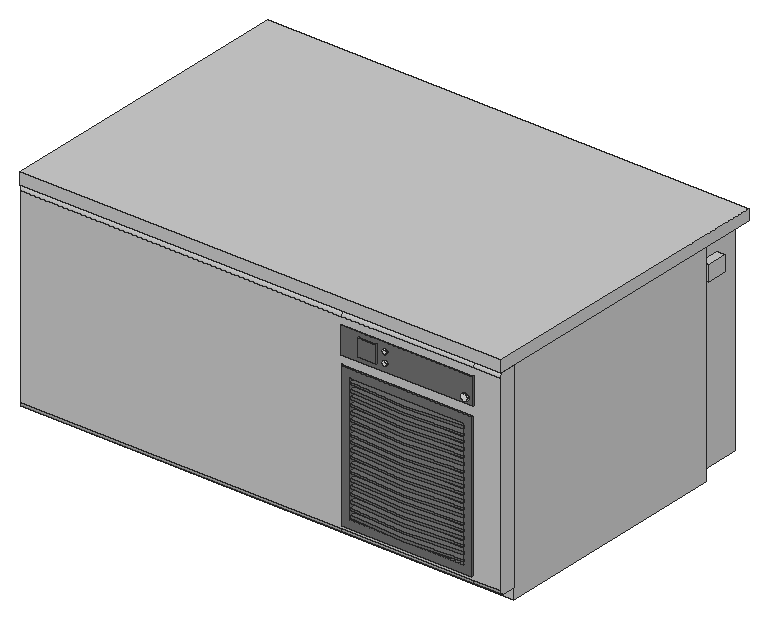
Revit family "QF_HOSHIZAKI_IM-240DNE-HC", category Specialty Equipment, Revit 2016
Family settings
  Part Type = Normal
  Round Connector Dimension = Use Diameter
  OmniClass Number = 23.40.40.14
  OmniClass Title = Food Service Equipment
  Work Plane-Based = No
  Always vertical = Yes
  Cut with Voids When Loaded = No
  Shared = No
  Room Calculation Point = No
Parameters (values of type "IM-240DNE-HC_240V/1Ph/60Hz")
  Weight = 82.00 kg
  Waste Remarks [instance] = ""
  Volts = 240 V
  URL Cutsheet = ""
  URL = "www.hoshizaki-europe.com"
  Status [instance] = ""
  Specification by User [instance] = ""
  Specification by Manufacturer [instance] = ""
  Serial Number = ""
  Seismic Rating = ""
  SMACNA No = ""
  Revision Code [instance] = ""
  Phase = 1
  Number of Poles = 2
  NAFEM Spec ID Number = ""
  Model = "IM-240DNE-HC"
  Min Ckt Ampacity = 0 A
  Max Overcurrent Protection = 0 A
  Masterspec = ""
  Manufacturer = "HOSHIZAKI"
  Length Actual = 1084 mm
  Item Number [instance] = ""
  Installed By [instance] = ""
  Indirect Waste Size = 19.05 mm
  Indirect Waste Connection Type [instance] = ""
  Indirect Waste Connection Height [instance] = 53 mm
  Identify Quantity as Lot [instance] = no
  Height Actual = 500 mm
  HP power = ""
  Furnished By [instance] = ""
  Foodservice Equipment Identifier [instance] = yes
  FL Amps = 20 A
  Electric power = 930 W
  Electric Connection Type [instance] = ""
  Elec Conn RI Height [instance] = 0 mm
  Elec Conn Connection Height [instance] = 409 mm
  Direct Waste RI Height [instance] = 0 mm
  Description = "IM HYDROCARBON ICE MAKER, 210KG PER 24 HOURS, LARGE CUBE, MODULAR - HORIZONTAL"
  Depth Actual = 700 mm
  Cycle = 60 Hz
  Cost = 0
  Conn Plug = ""
  Conn Conduit = no
  Cold Water Temperature Recommended = 0 °C
  Cold Water Size = 19.05 mm
  Cold Water Flow = 0.0 L/s
  Cold Water Connection Height [instance] = 419 mm
  CSI MasterFormat = ""
  Assembly Code = "E1090320"
  Apparent Power = 930 VA
  Accessory = no
Types (2, lengths in mm): name | Volts | Cycle
  IM-240DNE-HC_230V/1Ph/50Hz | 230 V | 50 Hz
  IM-240DNE-HC_240V/1Ph/60Hz | 240 V | 60 Hz
Reference planes
  plane 1 "Center (Front/Back)": y = 0
  plane 2: z = 0
  plane 3 "Center (Left/Right)": x = 0
Forms (mm)
  Extrusion 1, solid, not visible
    sketch origin (-16, -65, 418) x (1, 0, 0) y (0, 1, 0)
      loop
        line (0, 0) -> (2, 0) -> (2, 2) -> (0, 2) -> (0, 0)
    from 0 to 2
  Extrusion 2, solid, not visible
    sketch origin (-16, -213, 52) x (1, 0, 0) y (0, 1, 0)
      loop
        line (0, 0) -> (2, 0) -> (2, 2) -> (0, 2) -> (0, 0)
    from 0 to 2
  Extrusion 3, solid, not visible
    sketch origin (1073, -77, 408) x (1, 0, 0) y (0, 1, 0)
      loop
        line (0, 0) -> (2, 0) -> (2, 2) -> (0, 2) -> (0, 0)
    from 0 to 2
  Extrusion 4, solid, not visible
    sketch origin (-16, -65, 418) x (1, 0, 0) y (0, 1, 0)
      loop
        line (0, 0) -> (2, 0) -> (2, 2) -> (0, 2) -> (0, 0)
    from 0 to 2
  Extrusion 5, solid, not visible
    sketch origin (-16, -213, 52) x (1, 0, 0) y (0, 1, 0)
      loop
        line (0, 0) -> (2, 0) -> (2, 2) -> (0, 2) -> (0, 0)
    from 0 to 2
  Extrusion 6, solid, not visible
    sketch origin (1073, -77, 408) x (1, 0, 0) y (0, 1, 0)
      loop
        line (0, 0) -> (2, 0) -> (2, 2) -> (0, 2) -> (0, 0)
    from 0 to 2
Dimensions and locks
  aligned and locked: level to plane 2
Nested families
  nested 1: "QF_HOSHIZAKI_IM-240DNE-HC_230V_1Ph_50Hz" at (0, 0, 0), type "IM-240DNE-HC_230V/1Ph/50Hz"
    with Show Clearance yes
Connectors
  piping at (-15, -63, 419), diameter 19.05, driven by "Cold Water Size", driven by "Cold Water Flow"
    settings: on Extrusion 1, index 1, connector inside diameter 609.6 mm, connector length 0 mm, flow factor 0, pipe flow 0.0 L/s, pressure drop 0.0 Pa, fitting loss kfactor 0, connector angle 0.00°, fixture units 0, engagement length 0 mm, angle of deflection 0.00°, flow configuration 1, flow direction 1, fitting loss method 0, system type 20, joint type 0, gender type 0, connector reference index -1, connector utility 0, adjustable connector no, is connector primary yes, connector description "Cold Water connection for 'IM-240DNE-HC'"
  piping at (-15, -211, 53), diameter 19.05, driven by "Indirect Waste Size"
    settings: on Extrusion 2, index 2, connector inside diameter 609.6 mm, connector length 0 mm, flow factor 0, pipe flow 0.0 L/s, pressure drop 0.0 Pa, fitting loss kfactor 0, connector angle 0.00°, fixture units 0, engagement length 0 mm, angle of deflection 0.00°, flow configuration 1, flow direction 2, fitting loss method 0, system type 16, joint type 0, gender type 0, connector reference index -1, connector utility 0, adjustable connector no, is connector primary no, connector description "Drain connection for 'IM-240DNE-HC'"
  electrical at (1074, -75, 409), driven by "Apparent Power", driven by "Number of Poles", driven by "Volts"
    settings: on Extrusion 3, index 3, voltage 240 V, apparent load 0 VA, apparent load phase1 930 VA, apparent load phase2 0 VA, apparent load phase3 0 VA, power factor 1, load classification "Other", number of poles 2, system type 31, power factor state 1, is connector primary yes, connector utility no, sub classification motor no, connector description "Electric connection for 'IM-240DNE-HC'"
  piping at (-15, -63, 419), diameter 19.05, driven by "Cold Water Size", driven by "Cold Water Flow"
    settings: on Extrusion 4, index 4, connector inside diameter 609.6 mm, connector length 0 mm, flow factor 0, pipe flow 0.0 L/s, pressure drop 0.0 Pa, fitting loss kfactor 0, connector angle 0.00°, fixture units 0, engagement length 0 mm, angle of deflection 0.00°, flow configuration 1, flow direction 1, fitting loss method 0, system type 20, joint type 0, gender type 0, connector reference index -1, connector utility 0, adjustable connector no, is connector primary no, connector description "Cold Water connection for 'IM-240DNE-HC'"
  piping at (-15, -211, 53), diameter 19.05, driven by "Indirect Waste Size"
    settings: on Extrusion 5, index 5, connector inside diameter 609.6 mm, connector length 0 mm, flow factor 0, pipe flow 0.0 L/s, pressure drop 0.0 Pa, fitting loss kfactor 0, connector angle 0.00°, fixture units 0, engagement length 0 mm, angle of deflection 0.00°, flow configuration 1, flow direction 2, fitting loss method 0, system type 16, joint type 0, gender type 0, connector reference index -1, connector utility 0, adjustable connector no, is connector primary no, connector description "Drain connection for 'IM-240DNE-HC'"
  electrical at (1074, -75, 409), driven by "Apparent Power", driven by "Number of Poles", driven by "Volts"
    settings: on Extrusion 6, index 6, voltage 240 V, apparent load 0 VA, apparent load phase1 930 VA, apparent load phase2 0 VA, apparent load phase3 0 VA, power factor 1, load classification "Other", number of poles 2, system type 31, power factor state 1, is connector primary no, connector utility no, sub classification motor no, connector description "Electric connection for 'IM-240DNE-HC'"
Definition of nested family "QF_HOSHIZAKI_IM-240DNE-HC_230V_1Ph_50Hz"
  Parameters (values of type "IM-240DNE-HC_230V/1Ph/50Hz")
    Width = 1084 mm
    URL = "www.hoshizaki-europe.com"
    Show Clearance [instance] = yes
    Model = "IM-240DNE-HC"
    Manufacturer = "HOSHIZAKI"
    Height = 500 mm
    Description = "EMERALD CLASS IM HYDROCARBON ICE MAKER, 210KG PER 24 HOURS, LARGE CUBE, MODULAR - HORIZONTAL"
    Depth = 700 mm
    Assembly Code = "E1090320"
  Types (31, lengths in mm): name | Width | Model | Height | Description | Depth
    IM-240DNE-HC_230V/1Ph/50Hz | 1084 | "IM-240DNE-HC" | 500 | "EMERALD CLASS IM HYDROCARBON ICE MAKER, 210KG PER 24 HOURS, LARGE CUBE, MODULAR - HORIZONTAL" | 700
    IM-240XNE-HC | 1084 | "IM-240XNE-HC" | 500 | "EMERALD CLASS IM HYDROCARBON ICE MAKER, 210KG PER 24 HOURS, LARGE CUBE, MODULAR - EXTENSION" | 700
    IM-240DNE | 1084 | "IM-240DNE" | 500 | "MODULAR IM ICE MAKER, 240KG PER 24 HOURS, LARGE CUBE, MODULAR - HORIZONTAL" | 700
    IM-240DNE-21 | 1084 | "IM-240DNE-21" | 500 | "MODULAR IM ICE MAKER, 240KG PER 24 HOURS, EXTRA SMALL CUBE, MODULAR - HORIZONTAL" | 700
    IM-240DNE-23 | 1084 | "IM-240DNE-23" | 500 | "MODULAR IM ICE MAKER, 240KG PER 24 HOURS, MEDIUM CUBE, MODULAR - HORIZONTAL" | 700
    IM-240DNE-32 | 1084 | "IM-240DNE-32" | 500 | "MODULAR IM ICE MAKER, 240KG PER 24 HOURS, EXTRA LARGE CUBE, MODULAR - HORIZONTAL" | 700
    IM-240DSNE | 1084 | "IM-240DSNE" | 500 | "MODULAR IM ICE MAKER, 240KG PER 24 HOURS, LARGE CUBE, REMOTE CONDENSER" | 700
    IM-240DSNE-23 | 1084 | "IM-240DSNE-23" | 500 | "MODULAR IM ICE MAKER, 240KG PER 24 HOURS, MEDIUM CUBE, REMOTE CONDENSER" | 700
    IM-240DWNE | 1084 | "IM-240DWNE" | 500 | "MODULAR IM ICE MAKER, 240KG PER 24 HOURS, LARGE CUBE, MODULAR - HORIZONTAL, WATER COOLED" | 700
    IM-240DWNE-21 | 1084 | "IM-240DWNE-21" | 500 | "MODULAR IM ICE MAKER, 240KG PER 24 HOURS, EXTRA SMALL CUBE, MODULAR - HORIZONTAL, WATER COOLED" | 700
    IM-240DWNE-23 | 1084 | "IM-240DWNE-23" | 500 | "MODULAR IM ICE MAKER, 240KG PER 24 HOURS, MEDIUM CUBE, MODULAR - HORIZONTAL, WATER COOLED" | 700
    IM-240DWNE-32 | 1084 | "IM-240DWNE-32" | 500 | "MODULAR IM ICE MAKER, 240KG PER 24 HOURS, EXTRA LARGE CUBE, MODULAR - HORIZONTAL, WATER COOLED" | 700
    IM-240XNE | 1084 | "IM-240XNE" | 500 | "MODULAR IM ICE MAKER, 240KG PER 24 HOURS, LARGE CUBE, MODULAR - EXTENSION" | 700
    IM-240XNE-21 | 1084 | "IM-240XNE-21" | 500 | "MODULAR IM ICE MAKER, 240KG PER 24 HOURS, EXTRA SMALL CUBE, MODULAR - EXTENSION" | 700
    IM-240XNE-23 | 1084 | "IM-240XNE-23" | 500 | "MODULAR IM ICE MAKER, 240KG PER 24 HOURS, MEDIUM CUBE, MODULAR - EXTENSION" | 700
    IM-240XNE-32 | 1084 | "IM-240XNE-32" | 500 | "MODULAR IM ICE MAKER, 240KG PER 24 HOURS, EXTRA LARGE CUBE, MODULAR - EXTENSION" | 700
    IM-240XSNE | 1084 | "IM-240XSNE" | 500 | "MODULAR IM ICE MAKER, 240KG PER 24 HOURS, LARGE CUBE, MODULAR - EXTENSION, REMOTE CONDENSER" | 700
    IM-240XSNE-23 | 1084 | "IM-240XSNE-23" | 500 | "MODULAR IM ICE MAKER, 240KG PER 24 HOURS, MEDIUM CUBE, MODULAR - EXTENSION, REMOTE CONDENSER" | 700
    IM-240XWNE | 1084 | "IM-240XWNE" | 500 | "MODULAR IM ICE MAKER, 240KG PER 24 HOURS, LARGE CUBE, MODULAR - EXTENSION, WATER COOLED" | 700
    IM-240XWNE-21 | 1084 | "IM-240XWNE-21" | 500 | "MODULAR IM ICE MAKER, 240KG PER 24 HOURS, EXTRA SMALL CUBE, MODULAR - EXTENSION, WATER COOLED" | 700
    IM-240XWNE-23 | 1084 | "IM-240XWNE-23" | 500 | "MODULAR IM ICE MAKER, 240KG PER 24 HOURS, MEDIUM CUBE, MODULAR - EXTENSION, WATER COOLED" | 700
    IM-240XWNE-32 | 1084 | "IM-240XWNE-32" | 500 | "MODULAR IM ICE MAKER, 240KG PER 24 HOURS, EXTRA LARGE CUBE, MODULAR - EXTENSION, WATER COOLED" | 700
    IM-240DNE-C | 1084 | "IM-240DNE-C" | 500 | "IM CYLINDER ICE MAKER, 240KG PER 24 HOURS, CYLINDER ICE, MODULAR - HORIZONTAL" | 700
    IM-240DWNE-C | 1084 | "IM-240DWNE-C" | 500 | "IM CYLINDER ICE MAKER, 240KG PER 24 HOURS, CYLINDER ICE, MODULAR - HORIZONTAL, WATER COOLED" | 700
    IM-240XNE-C | 1084 | "IM-240XNE-C" | 500 | "IM CYLINDER ICE MAKER, 240KG PER 24 HOURS, CYLINDER ICE, MODULAR - EXTENSION" | 700
    IM-240XWNE-C | 1084 | "IM-240XWNE-C" | 500 | "IM CYLINDER ICE MAKER, 240KG PER 24 HOURS, CYLINDER ICE, MODULAR - EXTENSION, WATER COOLED" | 700
    IM-240DNE-HC-23 | 1084 | "IM-240DNE-HC-23" | 500 | "EMERALD CLASS IM HYDROCARBON ICE MAKER, 180KG PER 24 HOURS, MEDIUM CUBE, MODULAR - EXTENSION" | 700
    IM-240DNE-HC-32 | 1084 | "IM-240DNE-HC-32" | 500 | "EMERALD CLASS IM HYDROCARBON ICE MAKER, 190KG PER 24 HOURS, EXTRA LARGE CUBE, MODULAR - EXTENSION" | 700
    IM-240XNE-HC-23 | 1082 | "IM-240XNE-HC-23" | 485 | "EMERALD CLASS IM HYDROCARBON ICE MAKER, 180KG PER 24 HOURS, MEDIUM CUBE, MODULAR - EXTENSION" | 697
    IM-240XNE-HC-32 | 1082 | "IM-240XNE-HC-32" | 485 | "EMERALD CLASS IM HYDROCARBON ICE MAKER, 190KG PER 24 HOURS, EXTRA LARGE CUBE, MODULAR - EXTENSION" | 697
    IM-240DNE-HC-21 | 1084 | "IM-240DNE-HC-21" | 500 | "EMERALD CLASS IM HYDROCARBON ICE MAKER, 205KG PER 24 HOURS, EXTRA SMALL CUBE, MODULAR - EXTENSION" | 700
  Reference planes
    plane 1 "Back": y = 0
    plane 2: z = 0
    plane 3 "Left": x = 0
    plane 4 "Right": x = 1084
    plane 5 "Front": y = -700
    plane 6 "Top": z = 500
    plane 7: y = -702
    plane 8: z = 488
  Forms (mm)
    Extrusion 1, solid
      sketch origin (166.25, -249, 193) x (0, 1, 0) y (0, 0, 1)
        loop
          line (-414, -170) -> (-414, 280) -> (-441, 280)
          arc (-441, 280) -> (-448.071, 277.071) -> (-451, 270) r 10
          line (-451, 270) -> (-451, -160)
          arc (-451, -160) -> (-448.071, -167.071) -> (-441, -170) r 10
          line (-441, -170) -> (-414, -170)
      from 559.75 to -166.25
    Extrusion 2, solid
      sketch origin (-20, -211, 53) x (0, 1, 0) y (0, 0, 1)
        loop
          circle (0, 0) r 14
        loop
          circle (0, 0) r 12
      from 0 to 20
    Extrusion 3, solid
      sketch origin (-16, -63, 419) x (0, 1, 0) y (0, 0, 1)
        loop
          circle (0, 0) r 14
        loop
          circle (0, 0) r 12
      from 0 to 16
    Extrusion 4, solid
      sketch origin (1024, -249, 193) x (0, 1, 0) y (0, 0, 1)
        loop
          line (-414, -170) -> (-414, 280) -> (-441, 280)
          arc (-441, 280) -> (-448.071, 277.071) -> (-451, 270) r 10
          line (-451, 270) -> (-451, -160)
          arc (-451, -160) -> (-448.071, -167.071) -> (-441, -170) r 10
          line (-441, -170) -> (-414, -170)
      from 0 to 60
    Extrusion 5, solid
      sketch origin (726, -249, 193) x (0, 1, 0) y (0, 0, 1)
        loop
          line (-414, -170) -> (-414, -153) -> (-451, -153) -> (-451, -160)
          arc (-451, -160) -> (-448.071, -167.071) -> (-441, -170) r 10
          line (-441, -170) -> (-414, -170)
        loop
          line (-451, 270) -> (-451, 174) -> (-414, 174) -> (-414, 280) -> (-441, 280)
          arc (-441, 280) -> (-448.071, 277.071) -> (-451, 270) r 10
      from 0 to 298
    Extrusion 6, solid
      sketch origin (568.75, -852, 28) x (1, 0, 0) y (0, 0, 1)
        loop
          line (159.25, 337) -> (159.25, 14) -> (453.25, 14) -> (453.25, 337) -> (159.25, 337)
        loop
          line (177.25, 319) -> (177.25, 32) -> (435.25, 32) -> (435.25, 319) -> (177.25, 319)
      from -150 to -160
    Extrusion 7, solid
      sketch origin (568.75, -249, 170) x (1, 0, 0) y (0, 1, 0)
        loop
          line (177.25, -443) -> (177.25, -454.474)
          arc (177.25, -454.474) -> (306.295, -461.632) -> (435.25, -453) r 1057.927
          line (435.25, -453) -> (435.25, -443) -> (177.25, -443)
      from 0 to 5
    Extrusion 8, solid
      sketch origin (568.75, -249, 185) x (1, 0, 0) y (0, 1, 0)
        loop
          line (177.25, -443) -> (177.25, -454.474)
          arc (177.25, -454.474) -> (306.295, -461.632) -> (435.25, -453) r 1057.927
          line (435.25, -453) -> (435.25, -443) -> (177.25, -443)
      from 0 to 5
    Extrusion 9, solid
      sketch origin (568.75, -249, 200) x (1, 0, 0) y (0, 1, 0)
        loop
          line (177.25, -443) -> (177.25, -454.474)
          arc (177.25, -454.474) -> (306.295, -461.632) -> (435.25, -453) r 1057.927
          line (435.25, -453) -> (435.25, -443) -> (177.25, -443)
      from 0 to 5
    Extrusion 10, solid
      sketch origin (568.75, -249, 215) x (1, 0, 0) y (0, 1, 0)
        loop
          line (177.25, -443) -> (177.25, -454.474)
          arc (177.25, -454.474) -> (306.295, -461.632) -> (435.25, -453) r 1057.927
          line (435.25, -453) -> (435.25, -443) -> (177.25, -443)
      from 0 to 5
    Extrusion 11, solid
      sketch origin (568.75, -249, 230) x (1, 0, 0) y (0, 1, 0)
        loop
          line (177.25, -443) -> (177.25, -454.474)
          arc (177.25, -454.474) -> (306.295, -461.632) -> (435.25, -453) r 1057.927
          line (435.25, -453) -> (435.25, -443) -> (177.25, -443)
      from 0 to 5
    Extrusion 12, solid
      sketch origin (568.75, -249, 245) x (1, 0, 0) y (0, 1, 0)
        loop
          line (177.25, -443) -> (177.25, -454.474)
          arc (177.25, -454.474) -> (306.295, -461.632) -> (435.25, -453) r 1057.927
          line (435.25, -453) -> (435.25, -443) -> (177.25, -443)
      from 0 to 5
    Extrusion 13, solid
      sketch origin (568.75, -249, 260) x (1, 0, 0) y (0, 1, 0)
        loop
          line (177.25, -443) -> (177.25, -454.474)
          arc (177.25, -454.474) -> (306.295, -461.632) -> (435.25, -453) r 1057.927
          line (435.25, -453) -> (435.25, -443) -> (177.25, -443)
      from 0 to 5
    Extrusion 14, solid
      sketch origin (568.75, -249, 275) x (1, 0, 0) y (0, 1, 0)
        loop
          line (177.25, -443) -> (177.25, -454.474)
          arc (177.25, -454.474) -> (306.295, -461.632) -> (435.25, -453) r 1057.927
          line (435.25, -453) -> (435.25, -443) -> (177.25, -443)
      from 0 to 5
    Extrusion 15, solid
      sketch origin (568.75, -249, 290) x (1, 0, 0) y (0, 1, 0)
        loop
          line (177.25, -443) -> (177.25, -454.474)
          arc (177.25, -454.474) -> (306.295, -461.632) -> (435.25, -453) r 1057.927
          line (435.25, -453) -> (435.25, -443) -> (177.25, -443)
      from 0 to 5
    Extrusion 16, solid
      sketch origin (568.75, -249, 305) x (1, 0, 0) y (0, 1, 0)
        loop
          line (177.25, -443) -> (177.25, -454.474)
          arc (177.25, -454.474) -> (306.295, -461.632) -> (435.25, -453) r 1057.927
          line (435.25, -453) -> (435.25, -443) -> (177.25, -443)
      from 0 to 5
    Extrusion 17, solid
      sketch origin (568.75, -249, 320) x (1, 0, 0) y (0, 1, 0)
        loop
          line (177.25, -443) -> (177.25, -454.474)
          arc (177.25, -454.474) -> (306.295, -461.632) -> (435.25, -453) r 1057.927
          line (435.25, -453) -> (435.25, -443) -> (177.25, -443)
      from 0 to 5
    Extrusion 18, solid
      sketch origin (568.75, -249, 335) x (1, 0, 0) y (0, 1, 0)
        loop
          line (177.25, -443) -> (177.25, -454.474)
          arc (177.25, -454.474) -> (306.295, -461.632) -> (435.25, -453) r 1057.927
          line (435.25, -453) -> (435.25, -443) -> (177.25, -443)
      from 0 to 5
    Extrusion 19, solid
      sketch origin (568.75, -249, 110) x (1, 0, 0) y (0, 1, 0)
        loop
          line (177.25, -443) -> (177.25, -454.474)
          arc (177.25, -454.474) -> (306.295, -461.632) -> (435.25, -453) r 1057.927
          line (435.25, -453) -> (435.25, -443) -> (177.25, -443)
      from 0 to 5
    Extrusion 20, solid
      sketch origin (568.75, -249, 125) x (1, 0, 0) y (0, 1, 0)
        loop
          line (177.25, -443) -> (177.25, -454.474)
          arc (177.25, -454.474) -> (306.295, -461.632) -> (435.25, -453) r 1057.927
          line (435.25, -453) -> (435.25, -443) -> (177.25, -443)
      from 0 to 5
    Extrusion 21, solid
      sketch origin (568.75, -249, 140) x (1, 0, 0) y (0, 1, 0)
        loop
          line (177.25, -443) -> (177.25, -454.474)
          arc (177.25, -454.474) -> (306.295, -461.632) -> (435.25, -453) r 1057.927
          line (435.25, -453) -> (435.25, -443) -> (177.25, -443)
      from 0 to 5
    Extrusion 22, solid
      sketch origin (568.75, -249, 155) x (1, 0, 0) y (0, 1, 0)
        loop
          line (177.25, -443) -> (177.25, -454.474)
          arc (177.25, -454.474) -> (306.295, -461.632) -> (435.25, -453) r 1057.927
          line (435.25, -453) -> (435.25, -443) -> (177.25, -443)
      from 0 to 5
    Extrusion 23, solid
      sketch origin (568.75, -249, 65) x (1, 0, 0) y (0, 1, 0)
        loop
          line (177.25, -443) -> (177.25, -454.474)
          arc (177.25, -454.474) -> (306.295, -461.632) -> (435.25, -453) r 1057.927
          line (435.25, -453) -> (435.25, -443) -> (177.25, -443)
      from 0 to 5
    Extrusion 24, solid
      sketch origin (568.75, -249, 80) x (1, 0, 0) y (0, 1, 0)
        loop
          line (177.25, -443) -> (177.25, -454.474)
          arc (177.25, -454.474) -> (306.295, -461.632) -> (435.25, -453) r 1057.927
          line (435.25, -453) -> (435.25, -443) -> (177.25, -443)
      from 0 to 5
    Extrusion 25, solid
      sketch origin (568.75, -249, 95) x (1, 0, 0) y (0, 1, 0)
        loop
          line (177.25, -443) -> (177.25, -454.474)
          arc (177.25, -454.474) -> (306.295, -461.632) -> (435.25, -453) r 1057.927
          line (435.25, -453) -> (435.25, -443) -> (177.25, -443)
      from 0 to 5
    Extrusion 26, solid
      sketch origin (0, -700, -10) x (1, 0, 0) y (0, 0, 1)
        loop
          line (726, 397) -> (1024, 397) -> (1024, 457) -> (726, 457) -> (726, 397)
      from 0 to 2
    Extrusion 27, solid
      sketch origin (0, -702, 0) x (1, 0, 0) y (0, 0, 1)
        loop
          line (766.139, 436.277) -> (766.139, 396.277) -> (806.139, 396.277) -> (806.139, 436.277) -> (766.139, 436.277)
      from 0 to 2
    Extrusion 28, solid
      sketch origin (0, -702, 0) x (1, 0, 0) y (0, 0, 1)
        loop
          circle (825.63, 428.086) r 5
        loop
          circle (825.63, 404.468) r 5
      from 0 to 2
    Extrusion 29, solid
      sketch origin (0, -702, 0) x (1, 0, 0) y (0, 0, 1)
        loop
          circle (1006.481, 399.95) r 7.5
      from 3 to 0
    Extrusion 30, solid
      sketch origin (0, 0, 0) x (1, 0, 0) y (0, 1, 0)
        loop
          line (0, 0) -> (0, -663) -> (1084, -663) -> (1084, -120) -> (1054, -120) -> (1054, 0) -> (0, 0)
      from 0 to 475
    Extrusion 31, solid
      sketch origin (0, 0, 0) x (1, 0, 0) y (0, 1, 0)
        loop
          line (0, 0) -> (0, -700) -> (1084, -700) -> (1084, 0) -> (0, 0)
      from 500 to 475
    Extrusion 32, solid
      sketch origin (1254, 1.923, 57.766) x (0, 1, 0) y (0, 0, 1)
        loop
          line (-101.026, 368.734) -> (-101.026, 333.734) -> (-54.923, 333.734) -> (-54.923, 368.734) -> (-101.026, 368.734)
      from -180 to -200
  Cuts and joins
    joined: Extrusion 1, Extrusion 4, Extrusion 5
  Lines and regions (mm)
    symbolic lines
      curve 1: line (0, 0, 0) -> (1084, 0, 0)
      curve 2: line (0, -700, 0) -> (0, 0, 0)
      curve 3: line (1084, -700, 0) -> (0, -700, 0)
      curve 4: line (1084, 0, 0) -> (1084, -700, 0)
      curve 5: line (-16, -49, 0) -> (0, -49, 0)
      curve 6: line (-16, -49, 0) -> (-16, -77, 0)
      curve 7: line (-16, -77, 0) -> (0, -77, 0)
      curve 8: line (-20, -197, 0) -> (0, -197, 0)
      curve 9: line (-20, -197, 0) -> (-20, -225, 0)
      curve 10: line (-20, -225, 0) -> (0, -225, 0)
  Dimensions and locks
    plane 5 "Front" to Extrusion 30 = 700 mm
    locked: Extrusion 30 sketch curve to curve 4 at 30
    locked: Extrusion 30 to Extrusion 32 at 20
    "Width": plane 4 "Right" to plane 3 "Left"
    locked: Extrusion 28 to Extrusion 27 at 2
    locked: plane 5 "Front" to Extrusion 26 at 2
    Extrusion 29 to Extrusion 28 = 0 mm
    locked: plane 5 "Front" to Extrusion 6 at 8
    locked: plane 7 to plane 5 "Front" at 2
    "Depth": plane 5 "Front" to plane 1 "Back"
    locked: plane 5 "Front" to Extrusion 29 at 5
    locked: Extrusion 31 to plane 6 "Top" at 25
    cut or joined group of Extrusion 1, Extrusion 4, Extrusion 5 to plane 8 to plane 6 "Top" = 15 mm, 12 mm
    "Height": plane 6 "Top" to level
    aligned and locked: level to plane 2
    aligned and locked: Extrusion 31 to plane 4 "Right"
    aligned and locked: Extrusion 32 to Extrusion 30
    aligned and locked: Extrusion 4 to plane 4 "Right"
    aligned and locked: Extrusion 4 to Extrusion 5  (x2)
    aligned and locked: plane 4 "Right" to curve 4
    aligned and locked: Extrusion 31 to plane 5 "Front"
    aligned and locked: Extrusion 1 sketch curve to plane 5 "Front"
    aligned and locked: Extrusion 27 to Extrusion 26
    aligned and locked: plane 5 "Front" to Extrusion 26
    aligned and locked: Extrusion 28 to Extrusion 26
    aligned and locked: plane 7 to Extrusion 6
    aligned and locked: Extrusion 29 to Extrusion 26
    aligned and locked: plane 6 "Top" to Extrusion 31
    aligned and locked: Extrusion 30 to Extrusion 31
  Automatic sketch dimensions
    Extrusion 2 sketch curve to Extrusion 2 sketch curve = 0 mm  (x2)
    level to Extrusion 2 sketch curve = 53 mm
    plane 1 "Back" to Extrusion 2 sketch curve = 211 mm
    Extrusion 3 sketch curve to Extrusion 3 sketch curve = 0 mm  (x2)
    plane 1 "Back" to Extrusion 3 sketch curve = 63 mm
    Extrusion 3 sketch curve to plane 6 "Top" = 81 mm
    Extrusion 4 sketch curve to plane 5 "Front" = 0 mm
    Extrusion 4 sketch curve to Extrusion 4 sketch curve = 10 mm
    plane 5 "Front" to Extrusion 4 sketch curve = 10 mm
    Extrusion 4 sketch curve to Extrusion 4 sketch curve = 27 mm
    level to Extrusion 4 sketch curve = 23 mm
    Extrusion 4 sketch curve to plane 6 "Top" = 37 mm
    Extrusion 5 sketch curve to plane 5 "Front" = 0 mm  (x2)
    plane 5 "Front" to Extrusion 5 sketch curve = 10 mm  (x2)
    Extrusion 5 sketch curve to Extrusion 5 sketch curve = 27 mm  (x2)
    level to Extrusion 5 sketch curve = 23 mm
    Extrusion 5 sketch curve to Extrusion 5 sketch curve = 7 mm
    Extrusion 5 sketch curve to plane 6 "Top" = 133 mm
    Extrusion 5 sketch curve to plane 6 "Top" = 37 mm
    level to Extrusion 6 sketch curve = 42 mm
    plane 4 "Right" to Extrusion 6 sketch curve = 356 mm
    Extrusion 6 sketch curve to Extrusion 6 sketch curve = 18 mm  (x4)
    plane 4 "Right" to Extrusion 6 sketch curve = 80 mm
    Extrusion 6 sketch curve to plane 6 "Top" = 153 mm
    plane 5 "Front" to Extrusion 7 sketch curve = 8 mm
    plane 4 "Right" to Extrusion 7 sketch curve = 338 mm
    plane 4 "Right" to Extrusion 7 sketch curve = 215 mm
    plane 4 "Right" to Extrusion 7 sketch curve = 80 mm
    Extrusion 7 sketch curve to plane 5 "Front" = 2 mm
    Extrusion 7 sketch curve to Extrusion 7 sketch curve = 11.474 mm
    plane 5 "Front" to Extrusion 8 sketch curve = 8 mm
    plane 4 "Right" to Extrusion 8 sketch curve = 338 mm
    plane 4 "Right" to Extrusion 8 sketch curve = 215 mm
    plane 4 "Right" to Extrusion 8 sketch curve = 80 mm
    Extrusion 8 sketch curve to plane 5 "Front" = 2 mm
    Extrusion 8 sketch curve to Extrusion 8 sketch curve = 11.474 mm
    plane 5 "Front" to Extrusion 9 sketch curve = 8 mm
    plane 4 "Right" to Extrusion 9 sketch curve = 338 mm
    plane 4 "Right" to Extrusion 9 sketch curve = 215 mm
    plane 4 "Right" to Extrusion 9 sketch curve = 80 mm
    Extrusion 9 sketch curve to plane 5 "Front" = 2 mm
    Extrusion 9 sketch curve to Extrusion 9 sketch curve = 11.474 mm
    plane 5 "Front" to Extrusion 10 sketch curve = 8 mm
    plane 4 "Right" to Extrusion 10 sketch curve = 338 mm
    plane 4 "Right" to Extrusion 10 sketch curve = 215 mm
    plane 4 "Right" to Extrusion 10 sketch curve = 80 mm
    Extrusion 10 sketch curve to plane 5 "Front" = 2 mm
    Extrusion 10 sketch curve to Extrusion 10 sketch curve = 11.474 mm
    plane 5 "Front" to Extrusion 11 sketch curve = 8 mm
    plane 4 "Right" to Extrusion 11 sketch curve = 338 mm
    plane 4 "Right" to Extrusion 11 sketch curve = 215 mm
    plane 4 "Right" to Extrusion 11 sketch curve = 80 mm
    Extrusion 11 sketch curve to plane 5 "Front" = 2 mm
    Extrusion 11 sketch curve to Extrusion 11 sketch curve = 11.474 mm
    plane 5 "Front" to Extrusion 12 sketch curve = 8 mm
    plane 4 "Right" to Extrusion 12 sketch curve = 338 mm
    plane 4 "Right" to Extrusion 12 sketch curve = 215 mm
    plane 4 "Right" to Extrusion 12 sketch curve = 80 mm
    Extrusion 12 sketch curve to plane 5 "Front" = 2 mm
    Extrusion 12 sketch curve to Extrusion 12 sketch curve = 11.474 mm
    plane 5 "Front" to Extrusion 13 sketch curve = 8 mm
    plane 4 "Right" to Extrusion 13 sketch curve = 338 mm
    plane 4 "Right" to Extrusion 13 sketch curve = 215 mm
    plane 4 "Right" to Extrusion 13 sketch curve = 80 mm
    Extrusion 13 sketch curve to plane 5 "Front" = 2 mm
    Extrusion 13 sketch curve to Extrusion 13 sketch curve = 11.474 mm
    plane 5 "Front" to Extrusion 14 sketch curve = 8 mm
    plane 4 "Right" to Extrusion 14 sketch curve = 338 mm
    plane 4 "Right" to Extrusion 14 sketch curve = 215 mm
    plane 4 "Right" to Extrusion 14 sketch curve = 80 mm
    Extrusion 14 sketch curve to plane 5 "Front" = 2 mm
    Extrusion 14 sketch curve to Extrusion 14 sketch curve = 11.474 mm
    plane 5 "Front" to Extrusion 15 sketch curve = 8 mm
    plane 4 "Right" to Extrusion 15 sketch curve = 338 mm
    plane 4 "Right" to Extrusion 15 sketch curve = 215 mm
    plane 4 "Right" to Extrusion 15 sketch curve = 80 mm
    Extrusion 15 sketch curve to plane 5 "Front" = 2 mm
    Extrusion 15 sketch curve to Extrusion 15 sketch curve = 11.474 mm
    plane 5 "Front" to Extrusion 16 sketch curve = 8 mm
    plane 4 "Right" to Extrusion 16 sketch curve = 338 mm
    plane 4 "Right" to Extrusion 16 sketch curve = 215 mm
    plane 4 "Right" to Extrusion 16 sketch curve = 80 mm
    Extrusion 16 sketch curve to plane 5 "Front" = 2 mm
    Extrusion 16 sketch curve to Extrusion 16 sketch curve = 11.474 mm
    plane 5 "Front" to Extrusion 17 sketch curve = 8 mm
    plane 4 "Right" to Extrusion 17 sketch curve = 338 mm
    plane 4 "Right" to Extrusion 17 sketch curve = 215 mm
    plane 4 "Right" to Extrusion 17 sketch curve = 80 mm
    Extrusion 17 sketch curve to plane 5 "Front" = 2 mm
    Extrusion 17 sketch curve to Extrusion 17 sketch curve = 11.474 mm
    plane 5 "Front" to Extrusion 18 sketch curve = 8 mm
    plane 4 "Right" to Extrusion 18 sketch curve = 338 mm
    plane 4 "Right" to Extrusion 18 sketch curve = 215 mm
    plane 4 "Right" to Extrusion 18 sketch curve = 80 mm
    Extrusion 18 sketch curve to plane 5 "Front" = 2 mm
    Extrusion 18 sketch curve to Extrusion 18 sketch curve = 11.474 mm
    plane 5 "Front" to Extrusion 19 sketch curve = 8 mm
    plane 4 "Right" to Extrusion 19 sketch curve = 338 mm
    plane 4 "Right" to Extrusion 19 sketch curve = 215 mm
    plane 4 "Right" to Extrusion 19 sketch curve = 80 mm
    Extrusion 19 sketch curve to plane 5 "Front" = 2 mm
    Extrusion 19 sketch curve to Extrusion 19 sketch curve = 11.474 mm
    plane 5 "Front" to Extrusion 20 sketch curve = 8 mm
    plane 4 "Right" to Extrusion 20 sketch curve = 338 mm
    plane 4 "Right" to Extrusion 20 sketch curve = 215 mm
    plane 4 "Right" to Extrusion 20 sketch curve = 80 mm
    Extrusion 20 sketch curve to plane 5 "Front" = 2 mm
    Extrusion 20 sketch curve to Extrusion 20 sketch curve = 11.474 mm
    plane 5 "Front" to Extrusion 21 sketch curve = 8 mm
    plane 4 "Right" to Extrusion 21 sketch curve = 338 mm
    plane 4 "Right" to Extrusion 21 sketch curve = 215 mm
    plane 4 "Right" to Extrusion 21 sketch curve = 80 mm
    Extrusion 21 sketch curve to plane 5 "Front" = 2 mm
    Extrusion 21 sketch curve to Extrusion 21 sketch curve = 11.474 mm
    plane 5 "Front" to Extrusion 22 sketch curve = 8 mm
    plane 4 "Right" to Extrusion 22 sketch curve = 338 mm
    plane 4 "Right" to Extrusion 22 sketch curve = 215 mm
    plane 4 "Right" to Extrusion 22 sketch curve = 80 mm
    Extrusion 22 sketch curve to plane 5 "Front" = 2 mm
    Extrusion 22 sketch curve to Extrusion 22 sketch curve = 11.474 mm
    plane 5 "Front" to Extrusion 23 sketch curve = 8 mm
    plane 4 "Right" to Extrusion 23 sketch curve = 338 mm
    plane 4 "Right" to Extrusion 23 sketch curve = 215 mm
    plane 4 "Right" to Extrusion 23 sketch curve = 80 mm
    Extrusion 23 sketch curve to plane 5 "Front" = 2 mm
    Extrusion 23 sketch curve to Extrusion 23 sketch curve = 11.474 mm
    plane 5 "Front" to Extrusion 24 sketch curve = 8 mm
    plane 4 "Right" to Extrusion 24 sketch curve = 338 mm
    plane 4 "Right" to Extrusion 24 sketch curve = 215 mm
    plane 4 "Right" to Extrusion 24 sketch curve = 80 mm
    Extrusion 24 sketch curve to plane 5 "Front" = 2 mm
    Extrusion 24 sketch curve to Extrusion 24 sketch curve = 11.474 mm
    plane 5 "Front" to Extrusion 25 sketch curve = 8 mm
    plane 4 "Right" to Extrusion 25 sketch curve = 338 mm
    plane 4 "Right" to Extrusion 25 sketch curve = 215 mm
    plane 4 "Right" to Extrusion 25 sketch curve = 80 mm
    Extrusion 25 sketch curve to plane 5 "Front" = 2 mm
    Extrusion 25 sketch curve to Extrusion 25 sketch curve = 11.474 mm
    Extrusion 26 sketch curve to plane 6 "Top" = 53 mm
    plane 4 "Right" to Extrusion 26 sketch curve = 358 mm
    plane 4 "Right" to Extrusion 26 sketch curve = 60 mm
    Extrusion 26 sketch curve to Extrusion 26 sketch curve = 60 mm
    Extrusion 27 sketch curve to plane 6 "Top" = 103.723 mm
    plane 4 "Right" to Extrusion 27 sketch curve = 317.861 mm
    Extrusion 27 sketch curve to Extrusion 27 sketch curve = 40 mm  (x2)
    Extrusion 28 sketch curve to plane 6 "Top" = 95.532 mm
    plane 4 "Right" to Extrusion 28 sketch curve = 258.37 mm
    Extrusion 28 sketch curve to Extrusion 28 sketch curve = 0 mm
    Extrusion 28 sketch curve to Extrusion 28 sketch curve = 23.618 mm
    plane 4 "Right" to Extrusion 29 sketch curve = 77.519 mm
    Extrusion 29 sketch curve to plane 6 "Top" = 100.05 mm
    Extrusion 30 sketch curve to plane 3 "Left" = 0 mm
    Extrusion 30 sketch curve to plane 4 "Right" = 0 mm
    plane 1 "Back" to Extrusion 30 sketch curve = 0 mm
    plane 1 "Back" to Extrusion 30 sketch curve = 120 mm
    plane 5 "Front" to Extrusion 30 sketch curve = 37 mm
    Extrusion 31 sketch curve to plane 3 "Left" = 0 mm
    Extrusion 31 sketch curve to plane 4 "Right" = 0 mm
    Extrusion 31 sketch curve to plane 5 "Front" = 0 mm
    plane 1 "Back" to Extrusion 31 sketch curve = 0 mm
    plane 1 "Back" to Extrusion 32 sketch curve = 99.103 mm
    Extrusion 32 sketch curve to Extrusion 32 sketch curve = 46.103 mm
    Extrusion 32 sketch curve to plane 6 "Top" = 108.5 mm
    Extrusion 32 sketch curve to Extrusion 32 sketch curve = 35 mm
    curve 5 to plane 3 "Left" = 0 mm
    curve 3 to plane 5 "Front" = 0 mm
    plane 1 "Back" to curve 2 = 0 mm
    curve 6 to plane 3 "Left" = 16 mm
    curve 8 to plane 3 "Left" = 20 mm
    plane 1 "Back" to curve 9 = 225 mm
    curve 9 to curve 9 = 28 mm
    plane 1 "Back" to curve 6 = 77 mm
    curve 6 to curve 5 = 28 mm
    plane 5 "Front" to Extrusion 1 sketch curve = 10 mm  (x2)
    Extrusion 1 sketch curve to Extrusion 1 sketch curve = 27 mm
    level to Extrusion 1 sketch curve = 23 mm
    Extrusion 1 sketch curve to plane 6 "Top" = 37 mm
    radius of Extrusion 2 sketch curve = 14 mm
    radius of Extrusion 2 sketch curve = 12 mm
    radius of Extrusion 3 sketch curve = 14 mm
    radius of Extrusion 3 sketch curve = 12 mm
    radius of Extrusion 28 sketch curve = 5 mm  (x2)
    radius of Extrusion 29 sketch curve = 7.5 mm
  Connectors
    piping at (-20, -211, 53), diameter 19.05
      settings: on Extrusion 2, index 1, connector inside diameter 609.6 mm, connector length 0 mm, flow factor 0, pipe flow 0.0 L/s, pressure drop 0.0 Pa, fitting loss kfactor 0, connector angle 0.00°, fixture units 0, engagement length 0 mm, angle of deflection 0.00°, flow configuration 1, flow direction 2, fitting loss method 0, system type 16, joint type 0, gender type 0, connector reference index -1, connector utility 0, adjustable connector no, is connector primary yes, connector description "Indirect Waste Connection"
    piping at (-16, -63, 419), diameter 19.05
      settings: on Extrusion 3, index 3, connector inside diameter 609.6 mm, connector length 0 mm, flow factor 0, pipe flow 0.0 L/s, pressure drop 0.0 Pa, fitting loss kfactor 0, connector angle 0.00°, fixture units 0, engagement length 0 mm, angle of deflection 0.00°, flow configuration 1, flow direction 1, fitting loss method 0, system type 20, joint type 0, gender type 0, connector reference index -1, connector utility 0, adjustable connector no, is connector primary no, connector description "Cold Water Connection"
    electrical at (1064, -53, 409)
      settings: on Extrusion 32, index 4, voltage 230 V, apparent load 0 VA, apparent load phase1 930 VA, apparent load phase2 0 VA, apparent load phase3 0 VA, power factor 1, load classification none, number of poles 1, system type 31, power factor state 1, is connector primary yes, connector utility no, sub classification motor no, connector description "Electrical Connection"
